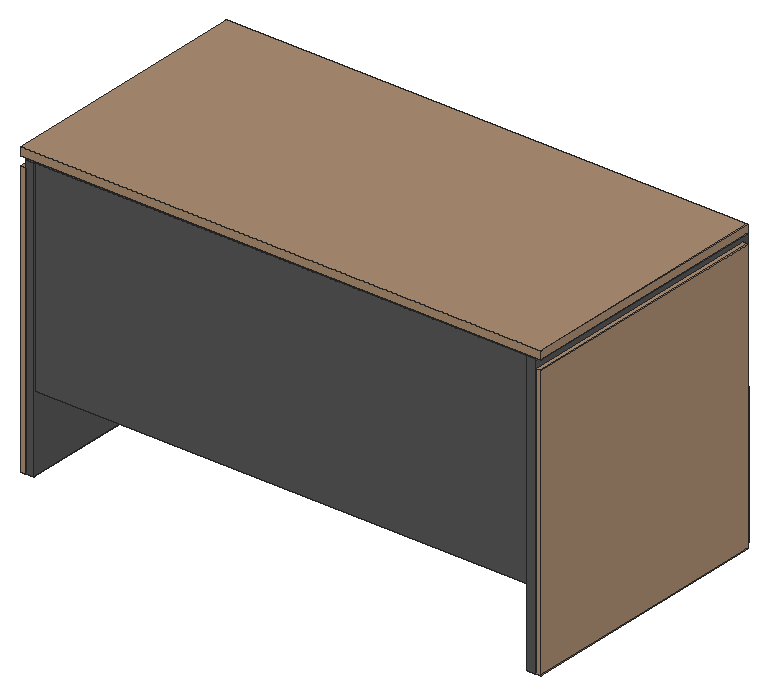
Revit family "Sanitary_Compound-Units_hansgrohe_54266XXX-Xilesa-E-Vanity-unit_980-550_1-drawer_wash-bowl-countertop-basin", category Furniture, host Face, Revit 2022
Family settings
  Host = Face
  OmniClass Number = 23.21.19.15.33.13
  OmniClass Title = Residential Bathroom Specialty Casework
  Cut with Voids When Loaded = No
  Render Appearance Source = Family Geometry
  Shared = No
  Room Calculation Point = No
Parameters (values of type "550 Cashmere Oak")
  Version = 1  # constant formula
  URL = "https://www.hansgrohe.com/"
  Product data url = "https://www.bimobject.com/en/hansgrohe/product/54266XXX"
  Product Page URL = "https://www.hansgrohe.com/articledetail--54266550"
  Model = "54266XXX"  # constant formula
  Material 3 = Hansgrohe - Metal - Black
  Material 2 = Hansgrohe - MDF - Matt Black
  Material 1 = Hansgrohe - MDF - 550 Cashmere Oak
  Manufacturer = "Hansgrohe"  # constant formula
  Height = 0 mm
  Description = "Xilesa E Vanity unit 980/550 with 1 drawer for consoles for wash bowl/counterstop basin ground"  # constant formula
  Default Elevation = 0 mm
  Date Updated = ""
  Date Created = "2024/02/03"  # constant formula
Types (5, lengths in mm): name | Material 1
  (no name) | Hansgrohe - MDF - 550 Cashmere Oak
  550 Cashmere Oak | Hansgrohe - MDF - 550 Cashmere Oak
  700 Matt White | Hansgrohe - MDF - 700 Matt White
  760 Slate Matt Grey | Hansgrohe - MDF - 760 Slate Matt Grey
  780 Sand Matt Beige | Hansgrohe - MDF - 780 Sand Matt Beige
Reference planes
  plane 1 "Center (Front/Back)": y = 0
  plane 2: z = 0
  plane 3 "Center (Left/Right)": x = 0
  plane 4: x = -490
  plane 5: x = 490
  plane 6: y = -500
  plane 7: z = 548
Dimensions and locks
  aligned and locked: plane 2 to host face
  aligned and locked: level to host face
Nested families
  nested 1: "54266XXX" at (0, -500, 0) x (1, 0, 0) z (0, 1, 0), Material 1 <- "Material 1", Material 2 <- "Material 2", Material 3 <- "Material 3", type "54266XXX"
    with Material 3 Hansgrohe - Metal - Black, Material 2 Hansgrohe - MDF - Matt Black, Material 1 Hansgrohe - MDF - 550 Cashmere Oak
Definition of nested family "54266XXX"
  Parameters (values of type "54266XXX")
    Version = 1  # constant formula
    URL = "https://www.hansgrohe.com/"
    Product data url = "https://www.bimobject.com/en/hansgrohe/product/54266XXX"
    Product Page URL = "https://www.hansgrohe.com/articledetail--54266550"
    Model = "54266XXX"  # constant formula
    Material 3 [instance] = none
    Material 2 [instance] = none
    Material 1 [instance] = none
    Manufacturer = "Hansgrohe"  # constant formula
    Description = "Xilesa E Vanity unit 980/550 with 1 drawer for consoles for wash bowl/counterstop basin ground"  # constant formula
    Default Elevation = 1219.2 mm
    Date Updated = ""
    Date Created = "2024/12/16"  # constant formula
  Reference planes
    plane 1 "Center (Front/Back)": y = 0
    plane 2: z = 0
    plane 3 "Center (Left/Right)": x = 0
  Forms (mm)
    Extrusion 1, solid, material <- "Material 1", detail levels medium+fine
      sketch origin (0, 0, 0) x (1, 0, 0) y (0, 1, 0)
        loop
          line (-480.6, 0) -> (-489.2, 0)
          arc (-489.2, 0) -> (-489.766, -0.234) -> (-490, -0.8) r 0.8
          line (-490, -0.8) -> (-490, -513.9)
          arc (-490, -513.9) -> (-489.766, -514.466) -> (-489.2, -514.7) r 0.8
          line (-489.2, -514.7) -> (-480.6, -514.7)
          arc (-480.6, -514.7) -> (-480.034, -514.466) -> (-479.8, -513.9) r 0.8
          line (-479.8, -513.9) -> (-479.8, -0.8)
          arc (-479.8, -0.8) -> (-480.034, -0.234) -> (-480.6, 0) r 0.8
        loop
          arc (480.6, 0) -> (480.034, -0.234) -> (479.8, -0.8) r 0.8
          line (479.8, -0.8) -> (479.8, -513.9)
          arc (479.8, -513.9) -> (480.034, -514.466) -> (480.6, -514.7) r 0.8
          line (480.6, -514.7) -> (489.2, -514.7)
          arc (489.2, -514.7) -> (489.766, -514.466) -> (490, -513.9) r 0.8
          line (490, -513.9) -> (490, -0.8)
          arc (490, -0.8) -> (489.766, -0.234) -> (489.2, 0) r 0.8
          line (489.2, 0) -> (480.6, 0)
      from 0 to 485
    Extrusion 2, solid, material <- "Material 1", detail levels medium+fine
      sketch origin (0, -90, 0) x (1, 0, 0) y (0, 1, 0)
        loop
          line (-489.2, -458) -> (489.2, -458)
          arc (489.2, -458) -> (489.766, -457.766) -> (490, -457.2) r 0.8
          line (490, -457.2) -> (490, -442.5)
          arc (490, -442.5) -> (489.766, -441.934) -> (489.2, -441.7) r 0.8
          line (489.2, -441.7) -> (-489.2, -441.7)
          arc (-489.2, -441.7) -> (-489.766, -441.934) -> (-490, -442.5) r 0.8
          line (-490, -442.5) -> (-490, -457.2)
          arc (-490, -457.2) -> (-489.766, -457.766) -> (-489.2, -458) r 0.8
      from 0 to 485
    Extrusion 3, solid, material <- "Material 2", detail levels medium+fine
      sketch origin (0, 0, 0) x (1, 0, 0) y (0, 1, 0)
        loop
          line (-479.8, -0.8) -> (-479.8, -528.9)
          arc (-479.8, -528.9) -> (-479.566, -529.466) -> (-479, -529.7) r 0.8
          line (-479, -529.7) -> (-464.6, -529.7)
          arc (-464.6, -529.7) -> (-464.034, -529.466) -> (-463.8, -528.9) r 0.8
          line (-463.8, -528.9) -> (-463.8, -0.8)
          arc (-463.8, -0.8) -> (-464.034, -0.234) -> (-464.6, 0) r 0.8
          line (-464.6, 0) -> (-479, 0)
          arc (-479, 0) -> (-479.566, -0.234) -> (-479.8, -0.8) r 0.8
        loop
          arc (479.8, -0.8) -> (479.566, -0.234) -> (479, 0) r 0.8
          line (479, 0) -> (464.6, 0)
          arc (464.6, 0) -> (464.034, -0.234) -> (463.8, -0.8) r 0.8
          line (463.8, -0.8) -> (463.8, -528.9)
          arc (463.8, -528.9) -> (464.034, -529.466) -> (464.6, -529.7) r 0.8
          line (464.6, -529.7) -> (479, -529.7)
          arc (479, -529.7) -> (479.566, -529.466) -> (479.8, -528.9) r 0.8
          line (479.8, -528.9) -> (479.8, -0.8)
      from 0 to 500
    Extrusion 4, solid, material <- "Material 2", detail levels fine
      sketch origin (0, -80, 0) x (1, 0, 0) y (0, 1, 0)
        loop
          line (-463.8, -65.2) -> (-463.8, -81.2) -> (463.8, -81.2) -> (463.8, -65.2) -> (-463.8, -65.2)
      from 17 to 125
    Extrusion 5, solid, material <- "Material 2", detail levels fine
      sketch origin (0, -80, 0) x (1, 0, 0) y (0, 1, 0)
        loop
          line (-463.8, -64.7) -> (-463.8, -449.7) -> (463.8, -449.7) -> (463.8, -64.7) -> (-463.8, -64.7)
      from 1 to 17
    Extrusion 6, solid, material <- "Material 3", detail levels fine
      sketch origin (0, -170, 0) x (1, 0, 0) y (0, 1, 0)
        loop
          line (-462.3, -356.9) -> (-462.3, -329.2) -> (-463.8, -329.2) -> (-463.8, -356.9)
          arc (-463.8, -356.9) -> (-463.126, -358.527) -> (-461.5, -359.2) r 2.3
          line (-461.5, -359.2) -> (461.5, -359.2)
          arc (461.5, -359.2) -> (463.126, -358.527) -> (463.8, -356.9) r 2.3
          line (463.8, -356.9) -> (463.8, -329.2) -> (462.3, -329.2) -> (462.3, -356.9)
          arc (462.3, -356.9) -> (462.066, -357.466) -> (461.5, -357.7) r 0.8
          line (461.5, -357.7) -> (-461.5, -357.7)
          arc (-461.5, -357.7) -> (-462.066, -357.466) -> (-462.3, -356.9) r 0.8
      from 447.263 to 497.263
    Extrusion 7, solid, material <- "Material 2", detail levels fine
      sketch origin (0, -80, 1) x (1, 0, 0) y (0, 0, 1)
        loop
          line (-422.898, 33.98) -> (422.898, 33.98) -> (422.898, 48.98) -> (-422.898, 48.98) -> (-422.898, 33.98)
      from 109.4 to 451.7
    Extrusion 8, solid, material <- "Material 3", detail levels fine
      sketch origin (250, -80, 1) x (1, 0, 0) y (0, 0, 1)
        loop
          line (198.3, 213.03) -> (198.3, 231.03) -> (183.3, 231.03) -> (183.3, 224.03) -> (192.95, 224.03) -> (192.95, 213.03) -> (198.3, 213.03)
      from 88.7 to 362.7
    Extrusion 9, solid, material <- "Material 3", detail levels fine
      sketch origin (250, -80, 1) x (1, 0, 0) y (0, 0, 1)
        loop
          line (200.05, 211.28) -> (200.05, 232.78) -> (181.55, 232.78) -> (181.55, 211.28) -> (200.05, 211.28)
      from 451.7 to 362.7
    Extrusion 10, solid, material <- "Material 3", detail levels fine
      sketch origin (-50, -80, 1) x (1, 0, 0) y (0, 0, 1)
        loop
          line (-392.5, 223.8) -> (-392.5, 113.608) -> (-398.2, 97.947) -> (-398.2, 48) -> (-369.9, 48) -> (-369.9, 223.8) -> (-392.5, 223.8)
        loop
          line (492.5, 223.8) -> (469.9, 223.8) -> (469.9, 48) -> (498.2, 48) -> (498.2, 97.947) -> (492.5, 113.608) -> (492.5, 223.8)
      from 91.9 to 109.4
    Extrusion 11, void
      sketch origin (-50, -80, 1) x (1, 0, 0) y (0, 0, 1)
        loop
          line (-391.5, 222.8) -> (-391.5, 113.431) -> (-397.2, 97.771) -> (-397.2, 49) -> (-370.9, 49) -> (-370.9, 222.8) -> (-391.5, 222.8)
        loop
          line (491.5, 222.8) -> (470.9, 222.8) -> (470.9, 49) -> (497.2, 49) -> (497.2, 97.771) -> (491.5, 113.431) -> (491.5, 222.8)
      from 91.9 to 108.7
    Extrusion 12, solid, material <- "Material 2", detail levels fine
      sketch origin (0, -80, 1) x (0, 1, 0) y (0, 0, 1)
        loop
          line (-92.7, 32.5) -> (-92.7, 113.5)
          arc (-92.7, 113.5) -> (-92.847, 113.854) -> (-93.2, 114) r 0.5
          line (-93.2, 114) -> (-108.2, 114)
          arc (-108.2, 114) -> (-108.554, 113.854) -> (-108.7, 113.5) r 0.5
          line (-108.7, 113.5) -> (-108.7, 32.5)
          arc (-108.7, 32.5) -> (-108.554, 32.146) -> (-108.2, 32) r 0.5
          line (-108.2, 32) -> (-93.2, 32)
          arc (-93.2, 32) -> (-92.847, 32.146) -> (-92.7, 32.5) r 0.5
      from -420 to 420
    Extrusion 13, solid, material <- "Material 3", detail levels fine
      sketch origin (-250, -80, 1) x (-1, 0, 0) y (0, 0, -1)
        loop
          line (198.3, -213.03) -> (192.95, -213.03) -> (192.95, -224.03) -> (183.3, -224.03) -> (183.3, -231.03) -> (198.3, -231.03) -> (198.3, -213.03)
      from 88.7 to 362.7
    Extrusion 14, solid, material <- "Material 3", detail levels fine
      sketch origin (-250, -80, 1) x (-1, 0, 0) y (0, 0, -1)
        loop
          line (200.05, -211.28) -> (181.55, -211.28) -> (181.55, -232.78) -> (200.05, -232.78) -> (200.05, -211.28)
      from 451.7 to 362.7
    Extrusion 15, solid, material <- "Material 1", detail levels coarse
      sketch origin (0, 0, 0) x (1, 0, 0) y (0, 1, 0)
        loop
          line (-490, -547.999) -> (490, -547.999) -> (490, 0) -> (463.8, 0) -> (463.8, -531.699) -> (-463.8, -531.699) -> (-463.8, 0) -> (-490, 0) -> (-490, -547.999)
      from 0 to 500
    Extrusion 16, solid, material <- "Material 3", detail levels fine
      sketch origin (0, -80, 1) x (1, 0, 0) y (0, 0, 1)
        loop
          line (452.091, 33.98) -> (452.091, 115.48) -> (433.591, 115.48) -> (432.786, 100.114) -> (430.22, 99.98) -> (427.791, 53.623)
          arc (427.791, 53.623) -> (426.271, 50.325) -> (422.898, 48.98) r 4.9
          line (422.898, 48.98) -> (422.898, 33.98) -> (452.091, 33.98)
        loop
          line (-452.091, 33.98) -> (-422.898, 33.98) -> (-422.898, 48.98)
          arc (-422.898, 48.98) -> (-426.271, 50.325) -> (-427.791, 53.623) r 4.9
          line (-427.791, 53.623) -> (-430.22, 99.98) -> (-432.786, 100.114) -> (-433.591, 115.48) -> (-452.091, 115.48) -> (-452.091, 33.98)
      from 109.4 to 451.7
  Cuts and joins
    Extrusion 11 cuts Extrusion 10
  Lines and regions (mm)
    Masking region 1
      outline origin (0, 0, 0) x (1, 0, 0) y (0, 1, 0)
        loop
          arc (490, -0.8) -> (489.766, -0.234) -> (489.2, 0) r 0.8
          line (489.2, 0) -> (480.6, 0)
          arc (480.6, 0) -> (480.034, -0.234) -> (479.8, -0.8) r 0.8
          arc (479.8, -0.8) -> (479.566, -0.234) -> (479, 0) r 0.8
          line (479, 0) -> (464.6, 0)
          arc (464.6, 0) -> (464.034, -0.234) -> (463.8, -0.8) r 0.8
          line (463.8, -0.8) -> (463.8, -131.499) -> (463.8, -145.2) -> (270, -145.2) -> (0, -145.2) -> (-220, -145.2) -> (-463.8, -145.2) -> (-463.8, -131.499) -> (-463.8, -108.499) -> (-463.8, -0.8)
          arc (-463.8, -0.8) -> (-464.034, -0.234) -> (-464.6, 0) r 0.8
          line (-464.6, 0) -> (-479, 0)
          arc (-479, 0) -> (-479.566, -0.234) -> (-479.8, -0.8) r 0.8
          arc (-479.8, -0.8) -> (-480.034, -0.234) -> (-480.6, 0) r 0.8
          line (-480.6, 0) -> (-489.2, 0)
          arc (-489.2, 0) -> (-489.766, -0.234) -> (-490, -0.8) r 0.8
          line (-490, -0.8) -> (-490, -513.9)
          arc (-490, -513.9) -> (-489.766, -514.466) -> (-489.2, -514.7) r 0.8
          line (-489.2, -514.7) -> (-480.6, -514.7)
          arc (-480.6, -514.7) -> (-480.034, -514.466) -> (-479.8, -513.9) r 0.8
          line (-479.8, -513.9) -> (-479.8, -531.7) -> (-489.2, -531.7)
          arc (-489.2, -531.7) -> (-489.766, -531.934) -> (-490, -532.5) r 0.8
          line (-490, -532.5) -> (-490, -547.2)
          arc (-490, -547.2) -> (-489.766, -547.766) -> (-489.2, -548) r 0.8
          line (-489.2, -548) -> (0, -548) -> (489.2, -548)
          arc (489.2, -548) -> (489.766, -547.766) -> (490, -547.2) r 0.8
          line (490, -547.2) -> (490, -532.5)
          arc (490, -532.5) -> (489.766, -531.934) -> (489.2, -531.7) r 0.8
          line (489.2, -531.7) -> (479.8, -531.7) -> (479.8, -513.9)
          arc (479.8, -513.9) -> (480.034, -514.466) -> (480.6, -514.7) r 0.8
          line (480.6, -514.7) -> (489.2, -514.7)
          arc (489.2, -514.7) -> (489.766, -514.466) -> (490, -513.9) r 0.8
          line (490, -513.9) -> (490, -0.8)
    Masking region 2
      outline origin (0, 0, 0) x (0, 1, 0) y (0, 0, 1)
        loop
          line (-529.7, 500) -> (-529.7, 233.78) -> (-531.7, 233.78) -> (-531.7, 485) -> (-548, 485) -> (-548, 0) -> (-531.7, 0) -> (-531.7, 34.98) -> (-529.7, 34.98) -> (-529.7, 0) -> (0, 0) -> (0, 500) -> (-529.7, 500)
    Masking region 3
      outline origin (0, 0, 0) x (1, 0, 0) y (0, 0, 1)
        loop
          line (-490, 485) -> (-490, 0) -> (50, 0) -> (490, 0) -> (490, 485) -> (479.8, 485) -> (479.8, 500) -> (50, 500) -> (-479.8, 500) -> (-479.8, 485) -> (-490, 485)
    symbolic lines, detail levels medium+fine
      curve 1: line (479.8, -531.7, 0) -> (0, -531.7, 0)
      curve 2: line (463.8, -145.2, 0) -> (463.8, -531.7, 0)
      curve 3: line (479.8, -0.8, 0) -> (479.8, -513.9, 0)
      curve 4: line (463.8, -161.2, 0) -> (0, -161.2, 0)
      curve 21: line (0, -531.7, 34.98) -> (0, -531.7, 233.78)
      curve 22: line (0, -529.7, 233.78) -> (0, -529.7, 34.98)
      curve 25: line (0, -531.7, 211.28) -> (0, -529.7, 211.28)
      curve 26: line (0, -531.7, 116.48) -> (0, -529.7, 116.48)
      curve 27: line (-479.8, 0, 485) -> (479.8, 0, 485)
      curve 28: line (-463.8, 0, 500) -> (-463.8, 0, 485)
      curve 29: line (463.8, 0, 500) -> (463.8, 0, 485)
      curve 32: line (463.8, -108.499, 0) -> (463.8, -131.499, 0)
      curve 34: line (-479.8, -531.7, 0) -> (0, -531.7, 0)
      curve 35: line (-463.8, -145.2, 0) -> (-463.8, -531.7, 0)
      curve 36: line (-479.8, -0.8, 0) -> (-479.8, -513.9, 0)
      curve 37: line (-463.8, -161.2, 0) -> (-220, -161.2, 0)
      curve 56: line (-220, -161.2, 0) -> (0, -161.2, 0)
    symbolic lines, detail levels fine
      curve 5: line (452.091, -161.2, 0) -> (452.091, -461.199, 0)
      curve 6: line (430.22, -161.2, 0) -> (430.22, -171.9, 0)
      curve 7: line (433.3, -189.4, 0) -> (0, -189.4, 0)
      curve 8: line (448.3, -168.7, 0) -> (448.3, -527.7, 0)
      curve 9: line (433.3, -168.7, 0) -> (448.3, -168.7, 0)
      curve 10: line (0, -527.7, 0) -> (461.5, -527.7, 0)
      curve 11: arc (461.5, -527.7, 0) -> (462.066, -527.466, 0) -> (462.3, -526.9, 0) r 0.8
      curve 12: line (462.3, -526.9, 0) -> (462.3, -499.2, 0)
      curve 13: line (462.3, -499.2, 0) -> (463.8, -499.2, 0)
      curve 14: arc (463.8, -526.9, 0) -> (463.126, -528.527, 0) -> (461.5, -529.2, 0) r 2.3
      curve 15: line (461.5, -529.2, 0) -> (0, -529.2, 0)
      curve 16: line (452.091, -529.2, 0) -> (452.091, -531.7, 0)
      curve 17: line (450.05, -529.2, 0) -> (450.05, -531.7, 0)
      curve 18: line (433.3, -527.7, 0) -> (433.3, -168.7, 0)
      curve 19: line (431.55, -529.2, 0) -> (431.55, -531.7, 0)
      curve 20: line (430.22, -529.2, 0) -> (430.22, -531.7, 0)
      curve 23: line (0, 0, 485) -> (0, -514.7, 485)
      curve 24: line (0, -514.7, 485) -> (0, -514.7, 0)
      curve 30: line (430.22, -189.4, 0) -> (430.22, -527.7, 0)
      curve 31: line (0, -171.9, 0) -> (433.3, -171.9, 0)
      curve 33: line (452.091, -461.199, 0) -> (452.091, -527.7, 0)
      curve 38: line (-452.091, -161.2, 0) -> (-452.091, -461.199, 0)
      curve 39: line (-430.22, -161.2, 0) -> (-430.22, -171.9, 0)
      curve 40: line (0, -171.9, 0) -> (-220, -171.9, 0)
      curve 41: line (-433.3, -189.4, 0) -> (-220, -189.4, 0)
      curve 42: line (-448.3, -168.7, 0) -> (-448.3, -527.7, 0)
      curve 43: line (-433.3, -168.7, 0) -> (-448.3, -168.7, 0)
      curve 44: line (0, -527.7, 0) -> (-461.5, -527.7, 0)
      curve 45: arc (-461.5, -527.7, 0) -> (-462.066, -527.466, 0) -> (-462.3, -526.9, 0) r 0.8
      curve 46: line (-462.3, -526.9, 0) -> (-462.3, -499.2, 0)
      curve 47: line (-462.3, -499.2, 0) -> (-463.8, -499.2, 0)
      curve 48: arc (-463.8, -526.9, 0) -> (-463.126, -528.527, 0) -> (-461.5, -529.2, 0) r 2.3
      curve 49: line (-461.5, -529.2, 0) -> (0, -529.2, 0)
      curve 50: line (-452.091, -529.2, 0) -> (-452.091, -531.7, 0)
      curve 51: line (-450.05, -529.2, 0) -> (-450.05, -531.7, 0)
      curve 52: line (-433.3, -527.7, 0) -> (-433.3, -168.7, 0)
      curve 53: line (-431.55, -529.2, 0) -> (-431.55, -531.7, 0)
      curve 54: line (-430.22, -529.2, 0) -> (-430.22, -531.7, 0)
      curve 55: line (-430.22, -189.4, 0) -> (-430.22, -527.7, 0)
      curve 57: line (-220, -171.9, 0) -> (-433.3, -171.9, 0)
      curve 58: line (-220, -189.4, 0) -> (0, -189.4, 0)
      curve 59: line (-452.091, -461.199, 0) -> (-452.091, -527.7, 0)
  Dimensions and locks
    aligned and locked: level to plane 2
